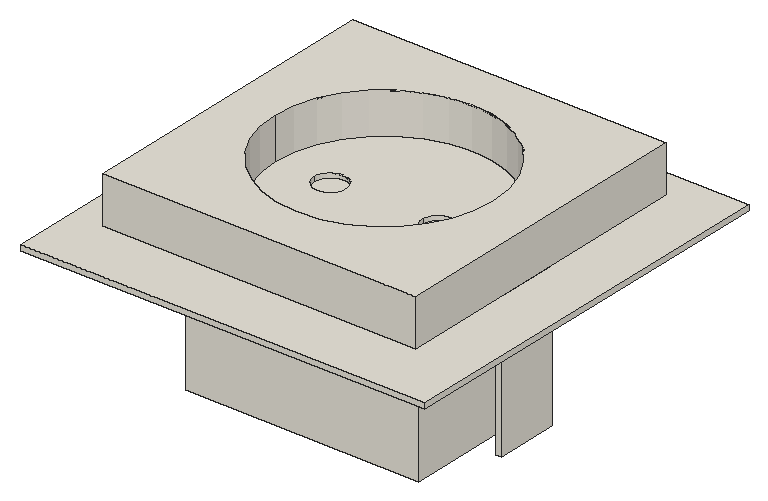
Revit family "Gira_277626", category Electrical Fixtures, host Face, Revit 2017
Family settings
  Host = Face
  Maintain Annotation Orientation = Yes
  Round Connector Dimension = Use Diameter
  Part Type = Normal
  Cut with Voids When Loaded = No
  Shared = No
  Room Calculation Point = No
Parameters (values of type "Sock.BS 13 A SH System 55 c.alum.")
  With signal lamp = "No"
  With orientation lighting = "No"
  With on/off switch = "No"
  With miniature fuse = "No"
  With loop through function = "No"
  With hinged lid = "No"
  With function lighting = "No"
  With child-protection = "Yes"
  With built-in USB power supply = "No"
  URL = "http://katalog.gira.de/en/datenblatt.html?artikelnr=277626"
  Type of fastening = "Mounting with screw"
  Transparent = "No"
  Surface protection = "Other"
  Suitable for degree of protection (IP) = "IP20"
  Special power supply = "No special power supply"
  Rotated central insert = "No"
  Protective earth pin round = "No"
  Protective contact = "No"
  Over voltage protection = "No"
  Number of units = "1"
  Number of socket outlets switchable = "0"
  Number of modules (module system) = "1"
  Nominal voltage = "250"
  Nominal current = "13"
  Name = "Sock.BS 13 A SH System 55 c.alum."
  Mounting method = "Flush mounted (plaster)"
  Model = "British Standard"
  Material quality = "Thermoplastic"
  Material = "Plastic"
  Manufacturer URL = "https://www.gira.de/"
  Manufacturer = "Gira"
  Lockable = "No"
  Label space/information surface = "No"
  Insulated mounting = "No"
  Imprint/indication = "Without imprint"
  HeinzeBIM = "https://bimportal.heinze.de/bim/sock-bs-13-a-sh-system-55-c-alum-/7186e1f38b4b65ba993e06a44e5571673fd42ec7"
  Halogen free = "Yes"
  HAN = "277626"
  GTIN = "4010337079361"
  Für "erschwerte Bedingungen" (nach VDE) (*de-DE) = "No"
  Fault current protection = "No"
  Eject-mechanism = "No"
  Description = "Sock.BS13A SH Sys55 CAl,Socket outlet British Standard (BS 1363-2) 13 A 250 V~ with shutter,System 55, Support ring 71 x 71 mm,colour aluminium,Features:,- With screw terminals.,- For screw mounting only."
  Default Elevation = 1219.2 mm
  Data sheet (1) = "https://katalog.gira.de/en/download.html?artikelnr=277626"
  Cremeweiß glänzend = Cremeweiß glänzend
  Connection type = "Screwed terminal"
  Colour = "Aluminium"
  Category = "Socket outlet"
  BIM (1) = "https://media.stage.bim.site/public/gira/36a6b08/SYS55_Steckdose.rfa"
  Available = "No"
  Antibacterial treatment = "No"
Reference planes
  plane 1 "Center (Front/Back)": y = 0
  plane 2 "Reference Level 0": z = 0
  plane 3 "Center (Left/Right)": x = 0
  plane 4: x = 9.5
  plane 5: x = -9.5
  plane 6: x = 9.5
  plane 7: x = -9.5
  plane 8: x = 9.5
  plane 9: x = -9.5
  plane 10: x = 17.5
  plane 11 "Reference Level 1": z = 8.2
Forms (mm)
  Extrusion 1, solid, material "Cremeweiß glänzend" <- "Cremeweiß glänzend", detail levels coarse
    sketch origin (0, 0, 0) x (1, 0, 0) y (0, 1, 0)
      loop
        line (-35.5, 35.5) -> (-35.5, -35.5) -> (35.5, -35.5) -> (35.5, 35.5) -> (-35.5, 35.5)
    from -27.5 to 8.2
  Extrusion 2, solid, material "Cremeweiß glänzend" <- "Cremeweiß glänzend", detail levels medium+fine
    sketch origin (0, 0, 0) x (1, 0, 0) y (0, 1, 0)
      loop
        line (-35.5, 35.5) -> (-35.5, -35.5) -> (35.5, -35.5) -> (35.5, 35.5) -> (-35.5, 35.5)
    from -2.2 to -3.2
  Extrusion 3, solid, material "Cremeweiß glänzend" <- "Cremeweiß glänzend", detail levels medium+fine
    sketch origin (0, 0, 0) x (1, 0, 0) y (0, 1, 0)
      loop
        line (-27.5, 27.5) -> (-27.5, -27.5) -> (27.5, -27.5) -> (27.5, 27.5) -> (-27.5, 27.5)
      loop
        circle (0, 0) r 19.2
    from 0 to 8.2
  Extrusion 4, solid, material "Cremeweiß glänzend" <- "Cremeweiß glänzend", detail levels fine
    sketch origin (0, 0, 0) x (1, 0, 0) y (0, 1, 0)
      loop
        circle (0, 0) r 19.2
      loop
        circle (9.5, 0) r 2.8
      loop
        circle (-9.5, 0) r 2.8
    from 0 to 1
  Extrusion 5, solid, material "Cremeweiß glänzend" <- "Cremeweiß glänzend", detail levels fine
    sketch origin (0, 0, 0) x (1, 0, 0) y (0, 1, 0)
      loop
        circle (-9.5, 0) r 2.8
      loop
        circle (9.5, 0) r 2.8
    from -2.2 to 0.3
  Extrusion 6, solid, material "Cremeweiß glänzend" <- "Cremeweiß glänzend", detail levels medium
    sketch origin (0, 0, 0) x (1, 0, 0) y (0, 1, 0)
      loop
        circle (0, 0) r 19.2
      loop
        circle (9.5, 0) r 2.8
      loop
        circle (-9.5, 0) r 2.8
    from 7.2 to 8.2
  Extrusion 7, solid, material "Cremeweiß glänzend" <- "Cremeweiß glänzend", detail levels medium
    sketch origin (0, 0, 0) x (1, 0, 0) y (0, 1, 0)
      loop
        circle (-9.5, 0) r 2.8
      loop
        circle (9.5, 0) r 2.8
    from 7.2 to 8.2
  Extrusion 8, solid, material "Cremeweiß glänzend" <- "Cremeweiß glänzend", detail levels medium+fine
    sketch origin (0, 0, 0) x (1, 0, 0) y (0, 1, 0)
      loop
        line (-20.5, 9) -> (-20.5, -18) -> (20.5, -18) -> (20.5, 9) -> (17.5, 9) -> (3, 21) -> (3, 24) -> (-3, 24) -> (-3, 21) -> (-17.5, 9) -> (-20.5, 9)
    from 0 to -27.5
  Extrusion 9, solid, material "Cremeweiß glänzend" <- "Cremeweiß glänzend", detail levels medium+fine
    sketch origin (0, 0, 0) x (1, 0, 0) y (0, 1, 0)
      loop
        line (-25, 5.5) -> (-25, -5.5) -> (-24, -5.5) -> (-24, 5.5) -> (-25, 5.5)
    from 0 to -27.5
  Extrusion 10, solid, material "Cremeweiß glänzend" <- "Cremeweiß glänzend", detail levels medium+fine
    sketch origin (0, 0, 0) x (-1, 0, 0) y (0, -1, 0)
      loop
        line (-25, 5.5) -> (-25, -5.5) -> (-24, -5.5) -> (-24, 5.5) -> (-25, 5.5)
    from 0 to -27.5
Dimensions and locks
  aligned and locked: plane 2 "Reference Level 0" to host face
  aligned and locked: level to host face
  aligned and locked: plane 3 "Center (Left/Right)" to nested 1
  aligned and locked: plane 1 "Center (Front/Back)" to nested 1
Nested families
  nested 1: "Steckdose 1-fach Beschriftung" at (0, 0, 0), type "Steckdose 1-fach Beschriftung"
Connectors
  electrical at (0, 9, -27.5)
    settings: on Extrusion 8, index 1, voltage 220 V, apparent load 0 VA, apparent load phase1 0 VA, apparent load phase2 0 VA, apparent load phase3 0 VA, power factor 1, load classification "Other", number of poles 1, system type 31, power factor state 1, is connector primary yes, connector utility no, sub classification motor no, connector description ""
Definition of nested family "Steckdose 1-fach Beschriftung"
  Reference planes
    plane 1: y = 0
    plane 2: x = 0
  Lines and regions (mm)
    detail lines
      curve 1: line (0, 0, 0) -> (0, 2, 0)
      curve 3: line (0, 2, 0) -> (-1, 2, 0)
      curve 4: arc (1, 3, 0) -> (0, 2, 0) -> (-1, 3, 0) r 1
      curve 5: line (0, 2, 0) -> (1, 2, 0)
    reference lines
      curve 2: line (-0.485, 3, 0) -> (2.315, 3, 0)
  Dimensions and locks
    curve 1 to curve 1 = 2 mm
    plane 1 to curve 2 = 3 mm
    curve 3 to curve 3 = 1 mm
